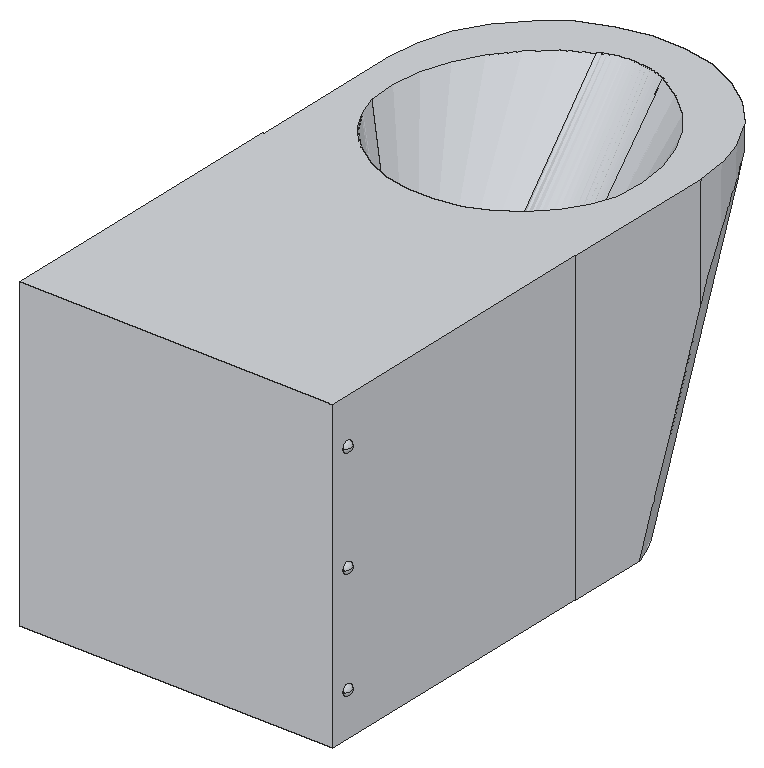
Revit family "AX6889X700_0009", category Appareils sanitaires, Revit 2016
Family settings
  Hôte = Mur
  Type d'élément = Normal
  Cote de connecteur circulaire = Utiliser le diamètre
  Numéro OmniClass = 23.75.00.00
  Titre OmniClass = Climate Control (HVAC)
  Toujours verticalement = Oui
  Couper avec des vides une fois chargée = Non
  Partagée = Non
  Point de calcul de pièce = Non
Parameters (values of type "Type 1")
  URL = "http://www.axeuro.com/fr/cuvettes-wc-urinoirs/25417-cuvette-wc-ax6889x700.html?search_query=ax6889x700&results=2"
  Modèle = "AX6889X700"  # constant formula
  Matériaux = "En inox 304 (18/10) Bactériostatique"  # constant formula
  Finition = "Brossé Poli Satiné HyperPolish"  # constant formula
  Fabricant = "Axeuro"  # constant formula
  Description = "Cuvette WC pour PMR"  # constant formula
Reference planes
  plane 1 "Mur": y = 0
  plane 2 "Centre (gauche/droite)": x = 0
  plane 3 "Arrière": y = 75
Forms (mm)
  Extrusion 1, solid
    sketch origin (207.3, -147.026, 0) x (1, 0, 0) y (0, 1, 0)
      loop
        line (-384.8, 567.026) -> (-384.8, 222.026) -> (-29.8, 222.026) -> (-29.8, 567.026) -> (-384.8, 567.026)
    from 0 to 350
  Extrusion 2, solid
    sketch origin (-2.5, 2, 0) x (1, 0, 0) y (0, 1, 0)
      loop
        line (180.68, 418) -> (180.68, 595.524)
        arc (180.68, 595.524) -> (3.18, 773.024) -> (-174.32, 595.524) r 177.5
        line (-174.32, 595.524) -> (-174.32, 418) -> (180.68, 418)
    from 0 to 350
  Revolve 3, solid
    sketch origin (-5.361, 0, 298.85) x (1, 0, 0) y (0, 1, 0)
      loop
        line (182.861, 101.333) -> (182.861, 95.183) -> (187.83, 95.183)
        arc (187.83, 95.183) -> (186.476, 99.172) -> (182.861, 101.333) r 6.102
      axis (187.83, 95.183) -> (182.861, 95.183)
    angle from 0 to 360
  Revolve 4, solid
    sketch origin (-5.361, 0, 51.15) x (1, 0, 0) y (0, 1, 0)
      loop
        line (182.861, 101.333) -> (182.861, 95.183) -> (187.83, 95.183)
        arc (187.83, 95.183) -> (186.476, 99.172) -> (182.861, 101.333) r 6.102
      axis (187.83, 95.183) -> (182.861, 95.183)
    angle from 0 to 360
  Revolve 5, solid
    sketch origin (-5.361, 0, 175.421) x (1, 0, 0) y (0, 1, 0)
      loop
        line (182.861, 101.333) -> (182.861, 95.183) -> (187.83, 95.183)
        arc (187.83, 95.183) -> (186.476, 99.172) -> (182.861, 101.333) r 6.102
      axis (187.83, 95.183) -> (182.861, 95.183)
    angle from 0 to 360
  Revolve 6, solid
    sketch origin (5.361, 0, 298.85) x (-1, 0, 0) y (0, -1, 0)
      loop
        arc (182.861, -101.333) -> (186.476, -99.172) -> (187.83, -95.183) r 6.102
        line (187.83, -95.183) -> (182.861, -95.183) -> (182.861, -101.333)
      axis (187.83, -95.183) -> (182.861, -95.183)
    angle from 0 to 360
  Revolve 7, solid
    sketch origin (5.361, 0, 51.15) x (-1, 0, 0) y (0, -1, 0)
      loop
        arc (182.861, -101.333) -> (186.476, -99.172) -> (187.83, -95.183) r 6.102
        line (187.83, -95.183) -> (182.861, -95.183) -> (182.861, -101.333)
      axis (187.83, -95.183) -> (182.861, -95.183)
    angle from 0 to 360
  Revolve 8, solid
    sketch origin (5.361, 0, 175.421) x (-1, 0, 0) y (0, -1, 0)
      loop
        arc (182.861, -101.333) -> (186.476, -99.172) -> (187.83, -95.183) r 6.102
        line (187.83, -95.183) -> (182.861, -95.183) -> (182.861, -101.333)
      axis (187.83, -95.183) -> (182.861, -95.183)
    angle from 0 to 360
  Blend 9, void
    base sketch origin (0, 2, 0) x (1, 0, 0) y (0, 1, 0)
      loop
        line (-407.17, 640) -> (-180, 640)
        arc (-180, 640) -> (0, 775.016) -> (180, 640) r 187.494
        line (180, 640) -> (525, 640) -> (525, 1015.016) -> (-407.17, 1015.016) -> (-407.17, 640)
    top sketch origin (0, 2, 0) x (1, 0, 0) y (0, 1, 0)
      loop
        line (-407.17, 504.984) -> (-179.405, 504.984)
        arc (-179.405, 504.984) -> (0, 638) -> (179.405, 504.984) r 187.494
        line (179.405, 504.984) -> (525, 504.984) -> (525, 910.016) -> (-407.17, 910.016) -> (-407.17, 504.984)
    from 350 to 0
  Blend 10, void
    base sketch origin (0, 2, 0) x (1, 0, 0) y (0, 1, 0)
      loop
        arc (139.922, 525.263) -> (120.45, 638.416) -> (37.354, 717.648) r 182.833
        arc (37.354, 717.648) -> (0, 726.044) -> (-37.354, 717.648) r 87.289
        arc (-37.354, 717.648) -> (-120.45, 638.416) -> (-139.922, 525.263) r 182.833
        arc (-139.922, 525.263) -> (0, 418.127) -> (139.922, 525.263) r 144.938
    top sketch origin (0, 2, 0) x (1, 0, 0) y (0, 1, 0)
      loop
        circle (0, 455.974) r 34.5
    from 350 to 59.539
Cuts and joins
  Blend 10 cuts Extrusion 1
  Blend 9, Blend 10 cuts Extrusion 2
  joined: Extrusion 1, Extrusion 2
Lines and regions (mm)
  reference lines
    curve 1: line (27.83, 4.032, 0) -> (27.83, 5.239, 0)
Text (mm)
  text "Côté de la mise en place" at (-1820.995, 1116.779, 0), in view "Niveau de réf."
  text "Côté de la mise en place" at (0, 1334.055, 2976.191), in view "Gauche"
  text "Côté de la mise en place" at (0, 439.194, 2944.362), in view "Droite"
Dimensions and locks
  locked: plane 3 "Arrière" to host wall
  Extrusion 1 sketch curve to Extrusion 1 sketch curve = 345 mm
  aligned and locked: plane 1 "Mur" to host wall
